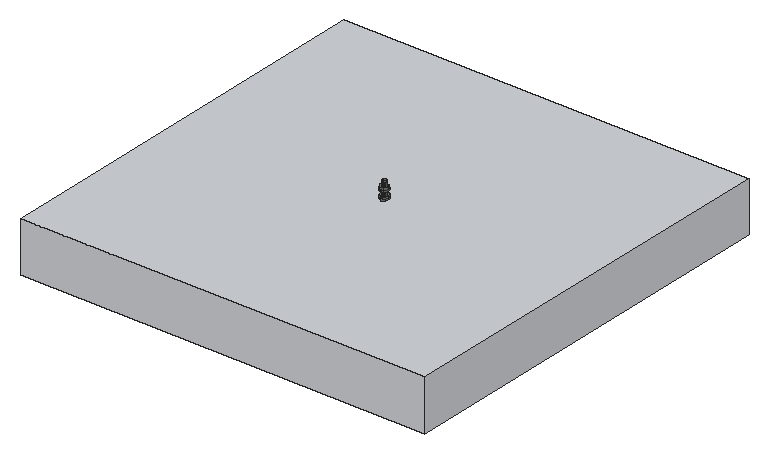
Revit family "Bolt l Type 02", category Modelos genéricos, Revit 2025
Family settings
  Anfitrión = Cara
  Puede alojar armadura = No
  Cota de conector redondo = Usar diámetro
  Tipo de pieza = Normal
  Corte con vacíos al cargar = No
  Mantener orientación de anotación = No
  Compartido = No
  Punto de cálculo de habitación = No
Parameters (values of type "Perno de Ø1"")
  Ø = 25.4 mm
  t [instance] = 32 mm
  b2 [instance] = 100 mm
  b = 70 mm
  Material = JG_Steel - Pernos
  Lookup Table Name = "Anchor & Bolt"
  L = 491.5 mm
  Default Elevation = 1219.2 mm
  10. SISTEMA = "ESTRUCTURAS"
  06. DESCRIPCION = "8 Pernos de Anclaje de Acero de Longitud Extendida - ASTM F1554 Gr 36"
  03. CODIGO DE ELEMENTO = "MET-ARR-PAN-01"
  02. ELEMENTO = "Perno de Anclaje Recto"
Reference planes
  plane 1 "Center (Front/Back)": y = 0
  plane 2: z = 0
  plane 3 "Center (Left/Right)": x = 0
  plane 4: z = -561.5
  plane 5: z = -491.5
  plane 6: z = -511.5
  plane 7: z = 100
  plane 8: z = 19.51
  plane 9: z = 51.51
Forms (mm)
  Extrusion 1, solid
    sketch origin (0, 0, 0) x (1, 0, 0) y (0, 1, 0)
      loop
        line (-1219.2, 1219.2) -> (-1219.2, -1219.2) -> (1219.2, -1219.2) -> (1219.2, 1219.2) -> (-1219.2, 1219.2)
    from 0 to -304.8
  Sweep 2, solid, material "JG_Steel - Pernos" <- "Material"
    path origin (0, 0, 0) x (1, 0, 0) y (0, 0, 1)
      loop
        line (0, 0) -> (0, -491.5)
    profile origin (0, 0, -245.75) x (0, -1, 0) y (1, 0, 0)
      loop
        circle (0, 0) r 12.7
Dimensions and locks
  "L": level to plane 5
  "b": plane 5 to plane 4
  plane 5 to plane 6 to plane 4 = 20 mm, 50 mm
  "b2": plane 7 to Extrusion 1
  "t": plane 9 to plane 8
  "Ø": diameter of Sweep 2 sketch curve
  aligned and locked: plane 2 to Extrusion 1
  aligned and locked: level to Extrusion 1
  aligned and locked: Sweep 2 sketch curve to plane 3 "Center (Left/Right)"
  aligned and locked: Extrusion 1 to Sweep 2 sketch curve
  aligned and locked: plane 3 "Center (Left/Right)" to Sweep 2 sketch curve
  aligned and locked: profile plane to plane 1 "Center (Front/Back)"
  aligned and locked: plane 5 to Sweep 2 sketch curve
  aligned and locked: plane 1 "Center (Front/Back)" to nested 1
  aligned and locked: nested 1 to plane 3 "Center (Left/Right)"
  aligned and locked: nested 2 to plane 1 "Center (Front/Back)"
  aligned and locked: nested 2 to plane 3 "Center (Left/Right)"
  aligned and locked: plane 3 "Center (Left/Right)" to nested 3
  aligned and locked: plane 1 "Center (Front/Back)" to nested 3
  aligned and locked: plane 1 "Center (Front/Back)" to nested 4
  aligned and locked: nested 4 to plane 3 "Center (Left/Right)"
  aligned and locked: nested 5 to plane 1 "Center (Front/Back)"
  aligned and locked: plane 3 "Center (Left/Right)" to nested 5
Automatic sketch dimensions
  Extrusion 1 sketch curve to Extrusion 1 sketch curve = 2438.4 mm  (x2)
  plane 1 "Center (Front/Back)" to Sweep 2 sketch curve = 0 mm
Nested families
  nested 1: "Bolt Head Nut with Washer free II" at (0, 0, -511.5) x (-1, 0, 0) z (0, 0, -1), Nominal Ø <- "Ø", Material <- "Material", type "Bolt Head Nut with Washer free II"
    with Nominal Ø 25.4 mm, Material JG_Steel - Pernos
  nested 2: "Rod with Detail free" at (0, 0, 0) x (-1, 0, 0) z (0, 0, 1), Rod Length <- "b2", Dimeter Rod Ø <- "Ø", type "Rod with Detail free"
    with Rod Length 100 mm, Dimeter Rod Ø 25.4 mm, Bar Ø 22.8 mm
  nested 3: "Rod with Detail free" at (0, 0, -491.5) x (0, -1, 0) z (0, 0, -1), Dimeter Rod Ø <- "Ø", Rod Length <- "b", type "Rod with Detail free"
    with Rod Length 70 mm, Dimeter Rod Ø 25.4 mm, Bar Ø 22.8 mm
  nested 4: "Bolt Head Nut with Washer free" at (0, 0, 51.51) x (0, -1, 0) z (0, 0, 1), Material <- "Material", Nominal Ø <- "Ø", type "Bolt Head Nut with Washer free"
    with Nominal Ø 25.4 mm, Material JG_Steel - Pernos
  nested 5: "Bolt Head Nut with Washer free" at (0, 0, 19.51) x (1, 0, 0) z (0, 0, -1), Nominal Ø <- "Ø", type "Bolt Head Nut with Washer free"
    with Nominal Ø 25.4 mm, Material JG_Steel - Pernos
Definition of nested family "Bolt Head Nut with Washer free II"
  Parameters (values of type "Bolt Head Nut with Washer free II")
    Nominal Ø [instance] = 16 mm
    Material [instance] = none
    Default Elevation = 1219.2 mm
  Reference planes
    plane 1 "Center (Front/Back)": y = 0
    plane 2: z = 0
    plane 3 "Center (Left/Right)": x = 0
  Forms (mm)
    Extrusion 1, solid
      sketch origin (0, 0, 0) x (1, 0, 0) y (0, 1, 0)
        loop
          line (-1219.2, 1219.2) -> (-1219.2, -1219.2) -> (1219.2, -1219.2) -> (1219.2, 1219.2) -> (-1219.2, 1219.2)
      from 0 to -304.8
  Dimensions and locks
    aligned and locked: plane 2 to Extrusion 1
    aligned and locked: level to Extrusion 1
    aligned and locked: nested 1 to plane 1 "Center (Front/Back)"
    aligned and locked: plane 3 "Center (Left/Right)" to nested 1
    aligned and locked: plane 1 "Center (Front/Back)" to nested 2
    aligned and locked: plane 3 "Center (Left/Right)" to nested 2
  Nested families
    nested 1: "Bold Nut free" at (0, 0, 3) x (0, 1, 0) z (0, 0, 1), Nominal Ø <- "Nominal Ø", Material <- "Material", type "Bold Nut free"
      with Thickness 10.4 mm, Nominal Ø 16 mm, Material none, Across Flat 26.4 mm, Across Corner 26.4 mm, AC1 30.36 mm
    nested 2: "Washer free II" at (0, 0, 0), Nominal Ø <- "Nominal Ø", Material <- "Material", type "Washer free II"
      with Thickness 3.2 mm, Outer Ø 48 mm, Nominal Ø 16 mm, Material none, Hole Ø 17.6 mm
  Definition of nested family "Bold Nut free"
    Parameters (values of type "Bold Nut free")
      Thickness [instance] = Nominal Ø * 0.65  # 10.4 mm
      Nominal Ø [instance] = 16 mm
      Material [instance] = none
      Default Elevation = 1219.2 mm
      Across Flat [instance] = Nominal Ø * 1.65  # 26.4 mm
      Across Corner [instance] = Nominal Ø * 1.65  # 26.4 mm
      AC1 [instance] = Across Corner * 1.15  # 30.36 mm
    Reference planes
      plane 1 "Center (Front/Back)": y = 0
      plane 2: z = 0
      plane 3 "Center (Left/Right)": x = 0
      plane 4: y = 13.2
      plane 5: y = -13.2
      plane 6: z = 10.4
    Forms (mm)
      Extrusion 1, solid
        sketch origin (0, 0, 0) x (1, 0, 0) y (0, 1, 0)
          loop
            line (-1219.2, 1219.2) -> (-1219.2, -1219.2) -> (1219.2, -1219.2) -> (1219.2, 1219.2) -> (-1219.2, 1219.2)
        from 0 to -304.8
      Extrusion 2, solid, material <- "Material"
        sketch origin (0, 0, 0) x (1, 0, 0) y (0, 1, 0)
          loop
            line (-7.621, 13.2) -> (-15.242, 0) -> (-7.621, -13.2) -> (7.621, -13.2) -> (15.242, 0) -> (7.621, 13.2) -> (-7.621, 13.2)
          loop
            circle (0, 0) r 8
        from 0 to 10.4
    Dimensions and locks
      equal spacing: plane 4, plane 1 "Center (Front/Back)", plane 5
      "Across Flat": plane 4 to plane 5
      equal spacing: Extrusion 2 sketch curve, plane 3 "Center (Left/Right)", Extrusion 2 sketch curve  (x2)
      "Across Flat": Extrusion 2 sketch curve to Extrusion 2 sketch curve  (x2)
      "Thickness": plane 6 to plane 2
      "Nominal Ø": diameter of Extrusion 2 sketch curve
      angle Extrusion 2 sketch curve to Extrusion 2 sketch curve = 120.00°  (x3)
      aligned and locked: plane 2 to Extrusion 1
      aligned and locked: level to Extrusion 1
      aligned and locked: plane 4 to Extrusion 2 sketch curve
      aligned and locked: Extrusion 2 sketch curve to plane 5
      aligned and locked: plane 6 to Extrusion 2
      aligned and locked: plane 3 "Center (Left/Right)" to Extrusion 2 sketch curve
      aligned and locked: plane 1 "Center (Front/Back)" to Extrusion 2 sketch curve
    Automatic sketch dimensions
      Extrusion 1 sketch curve to Extrusion 1 sketch curve = 2438.4 mm  (x2)
  Definition of nested family "Washer free II"
    Parameters (values of type "Washer free II")
      Thickness [instance] = Nominal Ø * 0.2  # 3.2 mm
      Outer Ø [instance] = Nominal Ø * 3  # 48 mm
      Nominal Ø [instance] = 16 mm
      Material [instance] = none
      Lookup Table Name = "Washer"
      Hole Ø [instance] = Nominal Ø * 1.1  # 17.6 mm
      Default Elevation = 1219.2 mm
    Reference planes
      plane 1 "Center (Front/Back)": y = 0
      plane 2: z = 0
      plane 3 "Center (Left/Right)": x = 0
      plane 4: z = 3.2
    Forms (mm)
      Extrusion 1, solid
        sketch origin (0, 0, 0) x (1, 0, 0) y (0, 1, 0)
          loop
            line (-1219.2, 1219.2) -> (-1219.2, -1219.2) -> (1219.2, -1219.2) -> (1219.2, 1219.2) -> (-1219.2, 1219.2)
        from 0 to -304.8
      Extrusion 2, solid, material <- "Material"
        sketch origin (0, 0, 0) x (1, 0, 0) y (0, 1, 0)
          loop
            circle (0, 0) r 24
          loop
            circle (0, 0) r 8.8
        from 0 to 3.2
    Dimensions and locks
      "Thickness": plane 4 to plane 2
      "Outer Ø": diameter of Extrusion 2 sketch curve
      "Hole Ø": diameter of Extrusion 2 sketch curve
      aligned and locked: plane 2 to Extrusion 1
      aligned and locked: level to Extrusion 1
      aligned and locked: plane 1 "Center (Front/Back)" to Extrusion 2 sketch curve  (x2)
      aligned and locked: plane 3 "Center (Left/Right)" to Extrusion 2 sketch curve  (x2)
      aligned and locked: plane 4 to Extrusion 2
    Automatic sketch dimensions
      Extrusion 1 sketch curve to Extrusion 1 sketch curve = 2438.4 mm  (x2)
Definition of nested family "Rod with Detail free"
  Parameters (values of type "Rod with Detail free")
    Rod Length [instance] = 70 mm
    Material = none
    Dimeter Rod Ø [instance] = 25.4 mm
    Default Elevation = 1219.2 mm
    Bar Ø [instance] = Dimeter Rod Ø - 2.6 mm  # 22.8 mm
  Reference planes
    plane 1 "Center (Front/Back)": y = 0
    plane 2: z = 0
    plane 3 "Center (Left/Right)": x = 0
    plane 4: z = 70
  Forms (mm)
    Extrusion 1, solid
      sketch origin (0, 0, 0) x (1, 0, 0) y (0, 1, 0)
        loop
          line (-1219.2, 1219.2) -> (-1219.2, -1219.2) -> (1219.2, -1219.2) -> (1219.2, 1219.2) -> (-1219.2, 1219.2)
      from 0 to -304.8
  Dimensions and locks
    "Rod Length": plane 4 to Extrusion 1
    aligned and locked: plane 2 to Extrusion 1
    aligned and locked: level to Extrusion 1
    aligned and locked: plane 1 "Center (Front/Back)" to nested 1
    aligned and locked: plane 3 "Center (Left/Right)" to nested 1
    aligned and locked: plane 1 "Center (Front/Back)" to nested 2
    aligned and locked: plane 3 "Center (Left/Right)" to nested 2
  Automatic sketch dimensions
    Extrusion 1 sketch curve to Extrusion 1 sketch curve = 2438.4 mm  (x2)
  Nested families
    nested 1: "Rod" at (0, 0, 0), Rod Material <- "Material", Rod L <- "Rod Length", Rod Ø <- "Bar Ø", type "Rod"
      with Rod Ø 22.8 mm, Rod Material none, Rod L 70 mm
    nested 2: "Rod Part" at (0, 0, 0), Rod Ø <- "Dimeter Rod Ø", Rod Length <- "Rod Length", type "Rod Part"
      with Rod Ø 25.4 mm, Rod radius 12.7 mm, Rod Length 70 mm, Array Numbers 46
  Definition of nested family "Rod"
    Parameters (values of type "Rod")
      Rod Ø [instance] = 32 mm
      Rod Material [instance] = none
      Rod L [instance] = 200 mm
      Default Elevation = 1219.2 mm
    Reference planes
      plane 1 "Center (Front/Back)": y = 0
      plane 2: z = 0
      plane 3 "Center (Left/Right)": x = 0
      plane 4: z = 200
    Forms (mm)
      Extrusion 1, solid
        sketch origin (0, 0, 0) x (1, 0, 0) y (0, 1, 0)
          loop
            line (-1219.2, 1219.2) -> (-1219.2, -1219.2) -> (1219.2, -1219.2) -> (1219.2, 1219.2) -> (-1219.2, 1219.2)
        from 0 to -304.8
      Extrusion 2, solid, material <- "Rod Material"
        sketch origin (0, 0, 0) x (1, 0, 0) y (0, 1, 0)
          loop
            circle (0, 0) r 16
        from 0 to 200
    Dimensions and locks
      "Rod L": plane 4 to Extrusion 1
      "Rod Ø": diameter of Extrusion 2 sketch curve
      aligned and locked: plane 2 to Extrusion 1
      aligned and locked: level to Extrusion 1
      aligned and locked: Extrusion 2 to Extrusion 1
      aligned and locked: plane 4 to Extrusion 2
    Automatic sketch dimensions
      Extrusion 1 sketch curve to Extrusion 1 sketch curve = 2438.4 mm  (x2)
      plane 1 "Center (Front/Back)" to Extrusion 2 sketch curve = 0 mm
      Extrusion 2 sketch curve to plane 3 "Center (Left/Right)" = 0 mm
  Definition of nested family "Rod Part"
    Parameters (values of type "Rod Part")
      Rod Ø [instance] = 16 mm
      Rod radius [instance] = Rod Ø / 2  # 8 mm
      Rod material = none
      Rod Length [instance] = 40 mm
      Default Elevation = 1219.2 mm
      Array Numbers [instance] = (Rod Length / 1.5 mm) - 1  # 26
    Reference planes
      plane 1 "Center (Front/Back)": y = 0
      plane 2: z = 0
      plane 3 "Center (Left/Right)": x = 0
      plane 4: x = 8
      plane 5: x = -8
      plane 6: z = 0.75
      plane 7: z = 2.25
      plane 8: z = 1.5
      plane 9: z = 40
      plane 10: z = 3
    Forms (mm)
      Extrusion 1, solid
        sketch origin (0, 0, 0) x (1, 0, 0) y (0, 1, 0)
          loop
            line (-1219.2, 1219.2) -> (-1219.2, -1219.2) -> (1219.2, -1219.2) -> (1219.2, 1219.2) -> (-1219.2, 1219.2)
        from 0 to -304.8
      SweptBlend 2, solid, material <- "Rod material"
        path origin (0, 0, -12.723) x (1, 0, 0) y (0, 1, 0)
          loop
            arc (-8, 0) -> (0, -8) -> (8, 0) r 8
        profile origin (-8, 0, -12.723) x (1, 0, 0) y (0, 0, 1)
          loop
            line (0, 12.75) -> (1.299, 12) -> (1.299, 13.5) -> (0, 12.75)
        end profile origin (8, 0, -12.723) x (-1, 0, 0) y (0, 0, 1)
          loop
            line (0, 12) -> (1.299, 11.25) -> (1.299, 12.75) -> (0, 12)
      SweptBlend 3, solid
        path origin (0, 0, -11.223) x (1, 0, 0) y (0, 1, 0)
          loop
            arc (-8, 0) -> (0, -8) -> (8, 0) r 8
        profile origin (-8, 0, -11.223) x (1, 0, 0) y (0, 0, 1)
          loop
            line (0, 12.75) -> (1.299, 12) -> (1.299, 13.5) -> (0, 12.75)
        end profile origin (8, 0, -11.223) x (-1, 0, 0) y (0, 0, 1)
          loop
            line (0, 12) -> (1.299, 11.25) -> (1.299, 12.75) -> (0, 12)
      SweptBlend 4, solid, material <- "Rod material"
        path origin (0, 0, -9.723) x (1, 0, 0) y (0, 1, 0)
          loop
            arc (-8, 0) -> (0, 8) -> (8, 0) r 8
        profile origin (-8, 0, -9.723) x (-1, 0, 0) y (0, 0, 1)
          loop
            line (0, 9.75) -> (-1.299, 10.5) -> (-1.299, 9) -> (0, 9.75)
        end profile origin (8, 0, -9.723) x (1, 0, 0) y (0, 0, 1)
          loop
            line (0, 10.5) -> (-1.299, 11.25) -> (-1.299, 9.75) -> (0, 10.5)
      SweptBlend 5, solid
        path origin (0, 0, -8.223) x (1, 0, 0) y (0, 1, 0)
          loop
            arc (-8, 0) -> (0, 8) -> (8, 0) r 8
        profile origin (-8, 0, -8.223) x (-1, 0, 0) y (0, 0, 1)
          loop
            line (0, 9.75) -> (-1.299, 10.5) -> (-1.299, 9) -> (0, 9.75)
        end profile origin (8, 0, -8.223) x (1, 0, 0) y (0, 0, 1)
          loop
            line (0, 10.5) -> (-1.299, 11.25) -> (-1.299, 9.75) -> (0, 10.5)
      SweptBlend 6, solid
        path origin (0, 0, -9.75) x (1, 0, 0) y (0, 1, 0)
          loop
            arc (-8, 0) -> (0, -8) -> (8, 0) r 8
        profile origin (-8, 0, -9.75) x (1, 0, 0) y (0, 0, 1)
          loop
            line (0, 12.75) -> (1.299, 12) -> (1.299, 13.5) -> (0, 12.75)
        end profile origin (8, 0, -9.75) x (-1, 0, 0) y (0, 0, 1)
          loop
            line (0, 12) -> (1.299, 11.25) -> (1.299, 12.75) -> (0, 12)
      SweptBlend 7, solid
        path origin (0, 0, -6.75) x (1, 0, 0) y (0, 1, 0)
          loop
            arc (-8, 0) -> (0, 8) -> (8, 0) r 8
        profile origin (-8, 0, -6.75) x (-1, 0, 0) y (0, 0, 1)
          loop
            line (0, 9.75) -> (-1.299, 10.5) -> (-1.299, 9) -> (0, 9.75)
        end profile origin (8, 0, -6.75) x (1, 0, 0) y (0, 0, 1)
          loop
            line (0, 10.5) -> (-1.299, 11.25) -> (-1.299, 9.75) -> (0, 10.5)
      SweptBlend 8, solid
        path origin (0, 0, -8.277) x (1, 0, 0) y (0, 1, 0)
          loop
            arc (-8, 0) -> (0, -8) -> (8, 0) r 8
        profile origin (-8, 0, -8.277) x (1, 0, 0) y (0, 0, 1)
          loop
            line (0, 12.75) -> (1.299, 12) -> (1.299, 13.5) -> (0, 12.75)
        end profile origin (8, 0, -8.277) x (-1, 0, 0) y (0, 0, 1)
          loop
            line (0, 12) -> (1.299, 11.25) -> (1.299, 12.75) -> (0, 12)
      SweptBlend 9, solid
        path origin (0, 0, -5.277) x (1, 0, 0) y (0, 1, 0)
          loop
            arc (-8, 0) -> (0, 8) -> (8, 0) r 8
        profile origin (-8, 0, -5.277) x (-1, 0, 0) y (0, 0, 1)
          loop
            line (0, 9.75) -> (-1.299, 10.5) -> (-1.299, 9) -> (0, 9.75)
        end profile origin (8, 0, -5.277) x (1, 0, 0) y (0, 0, 1)
          loop
            line (0, 10.5) -> (-1.299, 11.25) -> (-1.299, 9.75) -> (0, 10.5)
      SweptBlend 10, solid
        path origin (0, 0, -6.805) x (1, 0, 0) y (0, 1, 0)
          loop
            arc (-8, 0) -> (0, -8) -> (8, 0) r 8
        profile origin (-8, 0, -6.805) x (1, 0, 0) y (0, 0, 1)
          loop
            line (0, 12.75) -> (1.299, 12) -> (1.299, 13.5) -> (0, 12.75)
        end profile origin (8, 0, -6.805) x (-1, 0, 0) y (0, 0, 1)
          loop
            line (0, 12) -> (1.299, 11.25) -> (1.299, 12.75) -> (0, 12)
      SweptBlend 11, solid
        path origin (0, 0, -3.805) x (1, 0, 0) y (0, 1, 0)
          loop
            arc (-8, 0) -> (0, 8) -> (8, 0) r 8
        profile origin (-8, 0, -3.805) x (-1, 0, 0) y (0, 0, 1)
          loop
            line (0, 9.75) -> (-1.299, 10.5) -> (-1.299, 9) -> (0, 9.75)
        end profile origin (8, 0, -3.805) x (1, 0, 0) y (0, 0, 1)
          loop
            line (0, 10.5) -> (-1.299, 11.25) -> (-1.299, 9.75) -> (0, 10.5)
      SweptBlend 12, solid
        path origin (0, 0, -5.332) x (1, 0, 0) y (0, 1, 0)
          loop
            arc (-8, 0) -> (0, -8) -> (8, 0) r 8
        profile origin (-8, 0, -5.332) x (1, 0, 0) y (0, 0, 1)
          loop
            line (0, 12.75) -> (1.299, 12) -> (1.299, 13.5) -> (0, 12.75)
        end profile origin (8, 0, -5.332) x (-1, 0, 0) y (0, 0, 1)
          loop
            line (0, 12) -> (1.299, 11.25) -> (1.299, 12.75) -> (0, 12)
      SweptBlend 13, solid
        path origin (0, 0, -2.332) x (1, 0, 0) y (0, 1, 0)
          loop
            arc (-8, 0) -> (0, 8) -> (8, 0) r 8
        profile origin (-8, 0, -2.332) x (-1, 0, 0) y (0, 0, 1)
          loop
            line (0, 9.75) -> (-1.299, 10.5) -> (-1.299, 9) -> (0, 9.75)
        end profile origin (8, 0, -2.332) x (1, 0, 0) y (0, 0, 1)
          loop
            line (0, 10.5) -> (-1.299, 11.25) -> (-1.299, 9.75) -> (0, 10.5)
      SweptBlend 14, solid
        path origin (0, 0, -3.86) x (1, 0, 0) y (0, 1, 0)
          loop
            arc (-8, 0) -> (0, -8) -> (8, 0) r 8
        profile origin (-8, 0, -3.86) x (1, 0, 0) y (0, 0, 1)
          loop
            line (0, 12.75) -> (1.299, 12) -> (1.299, 13.5) -> (0, 12.75)
        end profile origin (8, 0, -3.86) x (-1, 0, 0) y (0, 0, 1)
          loop
            line (0, 12) -> (1.299, 11.25) -> (1.299, 12.75) -> (0, 12)
      SweptBlend 15, solid
        path origin (0, 0, -0.86) x (1, 0, 0) y (0, 1, 0)
          loop
            arc (-8, 0) -> (0, 8) -> (8, 0) r 8
        profile origin (-8, 0, -0.86) x (-1, 0, 0) y (0, 0, 1)
          loop
            line (0, 9.75) -> (-1.299, 10.5) -> (-1.299, 9) -> (0, 9.75)
        end profile origin (8, 0, -0.86) x (1, 0, 0) y (0, 0, 1)
          loop
            line (0, 10.5) -> (-1.299, 11.25) -> (-1.299, 9.75) -> (0, 10.5)
      SweptBlend 16, solid
        path origin (0, 0, -2.387) x (1, 0, 0) y (0, 1, 0)
          loop
            arc (-8, 0) -> (0, -8) -> (8, 0) r 8
        profile origin (-8, 0, -2.387) x (1, 0, 0) y (0, 0, 1)
          loop
            line (0, 12.75) -> (1.299, 12) -> (1.299, 13.5) -> (0, 12.75)
        end profile origin (8, 0, -2.387) x (-1, 0, 0) y (0, 0, 1)
          loop
            line (0, 12) -> (1.299, 11.25) -> (1.299, 12.75) -> (0, 12)
      SweptBlend 17, solid
        path origin (0, 0, 0.613) x (1, 0, 0) y (0, 1, 0)
          loop
            arc (-8, 0) -> (0, 8) -> (8, 0) r 8
        profile origin (-8, 0, 0.613) x (-1, 0, 0) y (0, 0, 1)
          loop
            line (0, 9.75) -> (-1.299, 10.5) -> (-1.299, 9) -> (0, 9.75)
        end profile origin (8, 0, 0.613) x (1, 0, 0) y (0, 0, 1)
          loop
            line (0, 10.5) -> (-1.299, 11.25) -> (-1.299, 9.75) -> (0, 10.5)
      SweptBlend 18, solid
        path origin (0, 0, -0.915) x (1, 0, 0) y (0, 1, 0)
          loop
            arc (-8, 0) -> (0, -8) -> (8, 0) r 8
        profile origin (-8, 0, -0.915) x (1, 0, 0) y (0, 0, 1)
          loop
            line (0, 12.75) -> (1.299, 12) -> (1.299, 13.5) -> (0, 12.75)
        end profile origin (8, 0, -0.915) x (-1, 0, 0) y (0, 0, 1)
          loop
            line (0, 12) -> (1.299, 11.25) -> (1.299, 12.75) -> (0, 12)
      SweptBlend 19, solid
        path origin (0, 0, 2.085) x (1, 0, 0) y (0, 1, 0)
          loop
            arc (-8, 0) -> (0, 8) -> (8, 0) r 8
        profile origin (-8, 0, 2.085) x (-1, 0, 0) y (0, 0, 1)
          loop
            line (0, 9.75) -> (-1.299, 10.5) -> (-1.299, 9) -> (0, 9.75)
        end profile origin (8, 0, 2.085) x (1, 0, 0) y (0, 0, 1)
          loop
            line (0, 10.5) -> (-1.299, 11.25) -> (-1.299, 9.75) -> (0, 10.5)
      SweptBlend 20, solid
        path origin (0, 0, 0.558) x (1, 0, 0) y (0, 1, 0)
          loop
            arc (-8, 0) -> (0, -8) -> (8, 0) r 8
        profile origin (-8, 0, 0.558) x (1, 0, 0) y (0, 0, 1)
          loop
            line (0, 12.75) -> (1.299, 12) -> (1.299, 13.5) -> (0, 12.75)
        end profile origin (8, 0, 0.558) x (-1, 0, 0) y (0, 0, 1)
          loop
            line (0, 12) -> (1.299, 11.25) -> (1.299, 12.75) -> (0, 12)
      SweptBlend 21, solid
        path origin (0, 0, 3.558) x (1, 0, 0) y (0, 1, 0)
          loop
            arc (-8, 0) -> (0, 8) -> (8, 0) r 8
        profile origin (-8, 0, 3.558) x (-1, 0, 0) y (0, 0, 1)
          loop
            line (0, 9.75) -> (-1.299, 10.5) -> (-1.299, 9) -> (0, 9.75)
        end profile origin (8, 0, 3.558) x (1, 0, 0) y (0, 0, 1)
          loop
            line (0, 10.5) -> (-1.299, 11.25) -> (-1.299, 9.75) -> (0, 10.5)
      SweptBlend 22, solid
        path origin (0, 0, 2.031) x (1, 0, 0) y (0, 1, 0)
          loop
            arc (-8, 0) -> (0, -8) -> (8, 0) r 8
        profile origin (-8, 0, 2.031) x (1, 0, 0) y (0, 0, 1)
          loop
            line (0, 12.75) -> (1.299, 12) -> (1.299, 13.5) -> (0, 12.75)
        end profile origin (8, 0, 2.031) x (-1, 0, 0) y (0, 0, 1)
          loop
            line (0, 12) -> (1.299, 11.25) -> (1.299, 12.75) -> (0, 12)
      SweptBlend 23, solid
        path origin (0, 0, 5.031) x (1, 0, 0) y (0, 1, 0)
          loop
            arc (-8, 0) -> (0, 8) -> (8, 0) r 8
        profile origin (-8, 0, 5.031) x (-1, 0, 0) y (0, 0, 1)
          loop
            line (0, 9.75) -> (-1.299, 10.5) -> (-1.299, 9) -> (0, 9.75)
        end profile origin (8, 0, 5.031) x (1, 0, 0) y (0, 0, 1)
          loop
            line (0, 10.5) -> (-1.299, 11.25) -> (-1.299, 9.75) -> (0, 10.5)
      SweptBlend 24, solid
        path origin (0, 0, 3.503) x (1, 0, 0) y (0, 1, 0)
          loop
            arc (-8, 0) -> (0, -8) -> (8, 0) r 8
        profile origin (-8, 0, 3.503) x (1, 0, 0) y (0, 0, 1)
          loop
            line (0, 12.75) -> (1.299, 12) -> (1.299, 13.5) -> (0, 12.75)
        end profile origin (8, 0, 3.503) x (-1, 0, 0) y (0, 0, 1)
          loop
            line (0, 12) -> (1.299, 11.25) -> (1.299, 12.75) -> (0, 12)
      SweptBlend 25, solid
        path origin (0, 0, 6.503) x (1, 0, 0) y (0, 1, 0)
          loop
            arc (-8, 0) -> (0, 8) -> (8, 0) r 8
        profile origin (-8, 0, 6.503) x (-1, 0, 0) y (0, 0, 1)
          loop
            line (0, 9.75) -> (-1.299, 10.5) -> (-1.299, 9) -> (0, 9.75)
        end profile origin (8, 0, 6.503) x (1, 0, 0) y (0, 0, 1)
          loop
            line (0, 10.5) -> (-1.299, 11.25) -> (-1.299, 9.75) -> (0, 10.5)
      SweptBlend 26, solid
        path origin (0, 0, 4.976) x (1, 0, 0) y (0, 1, 0)
          loop
            arc (-8, 0) -> (0, -8) -> (8, 0) r 8
        profile origin (-8, 0, 4.976) x (1, 0, 0) y (0, 0, 1)
          loop
            line (0, 12.75) -> (1.299, 12) -> (1.299, 13.5) -> (0, 12.75)
        end profile origin (8, 0, 4.976) x (-1, 0, 0) y (0, 0, 1)
          loop
            line (0, 12) -> (1.299, 11.25) -> (1.299, 12.75) -> (0, 12)
      SweptBlend 27, solid
        path origin (0, 0, 7.976) x (1, 0, 0) y (0, 1, 0)
          loop
            arc (-8, 0) -> (0, 8) -> (8, 0) r 8
        profile origin (-8, 0, 7.976) x (-1, 0, 0) y (0, 0, 1)
          loop
            line (0, 9.75) -> (-1.299, 10.5) -> (-1.299, 9) -> (0, 9.75)
        end profile origin (8, 0, 7.976) x (1, 0, 0) y (0, 0, 1)
          loop
            line (0, 10.5) -> (-1.299, 11.25) -> (-1.299, 9.75) -> (0, 10.5)
      SweptBlend 28, solid
        path origin (0, 0, 6.448) x (1, 0, 0) y (0, 1, 0)
          loop
            arc (-8, 0) -> (0, -8) -> (8, 0) r 8
        profile origin (-8, 0, 6.448) x (1, 0, 0) y (0, 0, 1)
          loop
            line (0, 12.75) -> (1.299, 12) -> (1.299, 13.5) -> (0, 12.75)
        end profile origin (8, 0, 6.448) x (-1, 0, 0) y (0, 0, 1)
          loop
            line (0, 12) -> (1.299, 11.25) -> (1.299, 12.75) -> (0, 12)
      SweptBlend 29, solid
        path origin (0, 0, 9.448) x (1, 0, 0) y (0, 1, 0)
          loop
            arc (-8, 0) -> (0, 8) -> (8, 0) r 8
        profile origin (-8, 0, 9.448) x (-1, 0, 0) y (0, 0, 1)
          loop
            line (0, 9.75) -> (-1.299, 10.5) -> (-1.299, 9) -> (0, 9.75)
        end profile origin (8, 0, 9.448) x (1, 0, 0) y (0, 0, 1)
          loop
            line (0, 10.5) -> (-1.299, 11.25) -> (-1.299, 9.75) -> (0, 10.5)
      SweptBlend 30, solid
        path origin (0, 0, 7.921) x (1, 0, 0) y (0, 1, 0)
          loop
            arc (-8, 0) -> (0, -8) -> (8, 0) r 8
        profile origin (-8, 0, 7.921) x (1, 0, 0) y (0, 0, 1)
          loop
            line (0, 12.75) -> (1.299, 12) -> (1.299, 13.5) -> (0, 12.75)
        end profile origin (8, 0, 7.921) x (-1, 0, 0) y (0, 0, 1)
          loop
            line (0, 12) -> (1.299, 11.25) -> (1.299, 12.75) -> (0, 12)
      SweptBlend 31, solid
        path origin (0, 0, 10.921) x (1, 0, 0) y (0, 1, 0)
          loop
            arc (-8, 0) -> (0, 8) -> (8, 0) r 8
        profile origin (-8, 0, 10.921) x (-1, 0, 0) y (0, 0, 1)
          loop
            line (0, 9.75) -> (-1.299, 10.5) -> (-1.299, 9) -> (0, 9.75)
        end profile origin (8, 0, 10.921) x (1, 0, 0) y (0, 0, 1)
          loop
            line (0, 10.5) -> (-1.299, 11.25) -> (-1.299, 9.75) -> (0, 10.5)
      SweptBlend 32, solid
        path origin (0, 0, 9.393) x (1, 0, 0) y (0, 1, 0)
          loop
            arc (-8, 0) -> (0, -8) -> (8, 0) r 8
        profile origin (-8, 0, 9.393) x (1, 0, 0) y (0, 0, 1)
          loop
            line (0, 12.75) -> (1.299, 12) -> (1.299, 13.5) -> (0, 12.75)
        end profile origin (8, 0, 9.393) x (-1, 0, 0) y (0, 0, 1)
          loop
            line (0, 12) -> (1.299, 11.25) -> (1.299, 12.75) -> (0, 12)
      SweptBlend 33, solid
        path origin (0, 0, 12.393) x (1, 0, 0) y (0, 1, 0)
          loop
            arc (-8, 0) -> (0, 8) -> (8, 0) r 8
        profile origin (-8, 0, 12.393) x (-1, 0, 0) y (0, 0, 1)
          loop
            line (0, 9.75) -> (-1.299, 10.5) -> (-1.299, 9) -> (0, 9.75)
        end profile origin (8, 0, 12.393) x (1, 0, 0) y (0, 0, 1)
          loop
            line (0, 10.5) -> (-1.299, 11.25) -> (-1.299, 9.75) -> (0, 10.5)
      SweptBlend 34, solid
        path origin (0, 0, 10.866) x (1, 0, 0) y (0, 1, 0)
          loop
            arc (-8, 0) -> (0, -8) -> (8, 0) r 8
        profile origin (-8, 0, 10.866) x (1, 0, 0) y (0, 0, 1)
          loop
            line (0, 12.75) -> (1.299, 12) -> (1.299, 13.5) -> (0, 12.75)
        end profile origin (8, 0, 10.866) x (-1, 0, 0) y (0, 0, 1)
          loop
            line (0, 12) -> (1.299, 11.25) -> (1.299, 12.75) -> (0, 12)
      SweptBlend 35, solid
        path origin (0, 0, 13.866) x (1, 0, 0) y (0, 1, 0)
          loop
            arc (-8, 0) -> (0, 8) -> (8, 0) r 8
        profile origin (-8, 0, 13.866) x (-1, 0, 0) y (0, 0, 1)
          loop
            line (0, 9.75) -> (-1.299, 10.5) -> (-1.299, 9) -> (0, 9.75)
        end profile origin (8, 0, 13.866) x (1, 0, 0) y (0, 0, 1)
          loop
            line (0, 10.5) -> (-1.299, 11.25) -> (-1.299, 9.75) -> (0, 10.5)
      SweptBlend 36, solid
        path origin (0, 0, 12.339) x (1, 0, 0) y (0, 1, 0)
          loop
            arc (-8, 0) -> (0, -8) -> (8, 0) r 8
        profile origin (-8, 0, 12.339) x (1, 0, 0) y (0, 0, 1)
          loop
            line (0, 12.75) -> (1.299, 12) -> (1.299, 13.5) -> (0, 12.75)
        end profile origin (8, 0, 12.339) x (-1, 0, 0) y (0, 0, 1)
          loop
            line (0, 12) -> (1.299, 11.25) -> (1.299, 12.75) -> (0, 12)
      SweptBlend 37, solid
        path origin (0, 0, 15.339) x (1, 0, 0) y (0, 1, 0)
          loop
            arc (-8, 0) -> (0, 8) -> (8, 0) r 8
        profile origin (-8, 0, 15.339) x (-1, 0, 0) y (0, 0, 1)
          loop
            line (0, 9.75) -> (-1.299, 10.5) -> (-1.299, 9) -> (0, 9.75)
        end profile origin (8, 0, 15.339) x (1, 0, 0) y (0, 0, 1)
          loop
            line (0, 10.5) -> (-1.299, 11.25) -> (-1.299, 9.75) -> (0, 10.5)
      SweptBlend 38, solid
        path origin (0, 0, 13.811) x (1, 0, 0) y (0, 1, 0)
          loop
            arc (-8, 0) -> (0, -8) -> (8, 0) r 8
        profile origin (-8, 0, 13.811) x (1, 0, 0) y (0, 0, 1)
          loop
            line (0, 12.75) -> (1.299, 12) -> (1.299, 13.5) -> (0, 12.75)
        end profile origin (8, 0, 13.811) x (-1, 0, 0) y (0, 0, 1)
          loop
            line (0, 12) -> (1.299, 11.25) -> (1.299, 12.75) -> (0, 12)
      SweptBlend 39, solid
        path origin (0, 0, 16.811) x (1, 0, 0) y (0, 1, 0)
          loop
            arc (-8, 0) -> (0, 8) -> (8, 0) r 8
        profile origin (-8, 0, 16.811) x (-1, 0, 0) y (0, 0, 1)
          loop
            line (0, 9.75) -> (-1.299, 10.5) -> (-1.299, 9) -> (0, 9.75)
        end profile origin (8, 0, 16.811) x (1, 0, 0) y (0, 0, 1)
          loop
            line (0, 10.5) -> (-1.299, 11.25) -> (-1.299, 9.75) -> (0, 10.5)
      SweptBlend 40, solid
        path origin (0, 0, 15.284) x (1, 0, 0) y (0, 1, 0)
          loop
            arc (-8, 0) -> (0, -8) -> (8, 0) r 8
        profile origin (-8, 0, 15.284) x (1, 0, 0) y (0, 0, 1)
          loop
            line (0, 12.75) -> (1.299, 12) -> (1.299, 13.5) -> (0, 12.75)
        end profile origin (8, 0, 15.284) x (-1, 0, 0) y (0, 0, 1)
          loop
            line (0, 12) -> (1.299, 11.25) -> (1.299, 12.75) -> (0, 12)
      SweptBlend 41, solid
        path origin (0, 0, 18.284) x (1, 0, 0) y (0, 1, 0)
          loop
            arc (-8, 0) -> (0, 8) -> (8, 0) r 8
        profile origin (-8, 0, 18.284) x (-1, 0, 0) y (0, 0, 1)
          loop
            line (0, 9.75) -> (-1.299, 10.5) -> (-1.299, 9) -> (0, 9.75)
        end profile origin (8, 0, 18.284) x (1, 0, 0) y (0, 0, 1)
          loop
            line (0, 10.5) -> (-1.299, 11.25) -> (-1.299, 9.75) -> (0, 10.5)
      SweptBlend 42, solid
        path origin (0, 0, 16.756) x (1, 0, 0) y (0, 1, 0)
          loop
            arc (-8, 0) -> (0, -8) -> (8, 0) r 8
        profile origin (-8, 0, 16.756) x (1, 0, 0) y (0, 0, 1)
          loop
            line (0, 12.75) -> (1.299, 12) -> (1.299, 13.5) -> (0, 12.75)
        end profile origin (8, 0, 16.756) x (-1, 0, 0) y (0, 0, 1)
          loop
            line (0, 12) -> (1.299, 11.25) -> (1.299, 12.75) -> (0, 12)
      SweptBlend 43, solid
        path origin (0, 0, 19.756) x (1, 0, 0) y (0, 1, 0)
          loop
            arc (-8, 0) -> (0, 8) -> (8, 0) r 8
        profile origin (-8, 0, 19.756) x (-1, 0, 0) y (0, 0, 1)
          loop
            line (0, 9.75) -> (-1.299, 10.5) -> (-1.299, 9) -> (0, 9.75)
        end profile origin (8, 0, 19.756) x (1, 0, 0) y (0, 0, 1)
          loop
            line (0, 10.5) -> (-1.299, 11.25) -> (-1.299, 9.75) -> (0, 10.5)
      SweptBlend 44, solid
        path origin (0, 0, 18.229) x (1, 0, 0) y (0, 1, 0)
          loop
            arc (-8, 0) -> (0, -8) -> (8, 0) r 8
        profile origin (-8, 0, 18.229) x (1, 0, 0) y (0, 0, 1)
          loop
            line (0, 12.75) -> (1.299, 12) -> (1.299, 13.5) -> (0, 12.75)
        end profile origin (8, 0, 18.229) x (-1, 0, 0) y (0, 0, 1)
          loop
            line (0, 12) -> (1.299, 11.25) -> (1.299, 12.75) -> (0, 12)
      SweptBlend 45, solid
        path origin (0, 0, 21.229) x (1, 0, 0) y (0, 1, 0)
          loop
            arc (-8, 0) -> (0, 8) -> (8, 0) r 8
        profile origin (-8, 0, 21.229) x (-1, 0, 0) y (0, 0, 1)
          loop
            line (0, 9.75) -> (-1.299, 10.5) -> (-1.299, 9) -> (0, 9.75)
        end profile origin (8, 0, 21.229) x (1, 0, 0) y (0, 0, 1)
          loop
            line (0, 10.5) -> (-1.299, 11.25) -> (-1.299, 9.75) -> (0, 10.5)
      SweptBlend 46, solid
        path origin (0, 0, 19.701) x (1, 0, 0) y (0, 1, 0)
          loop
            arc (-8, 0) -> (0, -8) -> (8, 0) r 8
        profile origin (-8, 0, 19.701) x (1, 0, 0) y (0, 0, 1)
          loop
            line (0, 12.75) -> (1.299, 12) -> (1.299, 13.5) -> (0, 12.75)
        end profile origin (8, 0, 19.701) x (-1, 0, 0) y (0, 0, 1)
          loop
            line (0, 12) -> (1.299, 11.25) -> (1.299, 12.75) -> (0, 12)
      SweptBlend 47, solid
        path origin (0, 0, 22.701) x (1, 0, 0) y (0, 1, 0)
          loop
            arc (-8, 0) -> (0, 8) -> (8, 0) r 8
        profile origin (-8, 0, 22.701) x (-1, 0, 0) y (0, 0, 1)
          loop
            line (0, 9.75) -> (-1.299, 10.5) -> (-1.299, 9) -> (0, 9.75)
        end profile origin (8, 0, 22.701) x (1, 0, 0) y (0, 0, 1)
          loop
            line (0, 10.5) -> (-1.299, 11.25) -> (-1.299, 9.75) -> (0, 10.5)
      SweptBlend 48, solid
        path origin (0, 0, 21.174) x (1, 0, 0) y (0, 1, 0)
          loop
            arc (-8, 0) -> (0, -8) -> (8, 0) r 8
        profile origin (-8, 0, 21.174) x (1, 0, 0) y (0, 0, 1)
          loop
            line (0, 12.75) -> (1.299, 12) -> (1.299, 13.5) -> (0, 12.75)
        end profile origin (8, 0, 21.174) x (-1, 0, 0) y (0, 0, 1)
          loop
            line (0, 12) -> (1.299, 11.25) -> (1.299, 12.75) -> (0, 12)
      SweptBlend 49, solid
        path origin (0, 0, 24.174) x (1, 0, 0) y (0, 1, 0)
          loop
            arc (-8, 0) -> (0, 8) -> (8, 0) r 8
        profile origin (-8, 0, 24.174) x (-1, 0, 0) y (0, 0, 1)
          loop
            line (0, 9.75) -> (-1.299, 10.5) -> (-1.299, 9) -> (0, 9.75)
        end profile origin (8, 0, 24.174) x (1, 0, 0) y (0, 0, 1)
          loop
            line (0, 10.5) -> (-1.299, 11.25) -> (-1.299, 9.75) -> (0, 10.5)
      SweptBlend 50, solid
        path origin (0, 0, 22.647) x (1, 0, 0) y (0, 1, 0)
          loop
            arc (-8, 0) -> (0, -8) -> (8, 0) r 8
        profile origin (-8, 0, 22.647) x (1, 0, 0) y (0, 0, 1)
          loop
            line (0, 12.75) -> (1.299, 12) -> (1.299, 13.5) -> (0, 12.75)
        end profile origin (8, 0, 22.647) x (-1, 0, 0) y (0, 0, 1)
          loop
            line (0, 12) -> (1.299, 11.25) -> (1.299, 12.75) -> (0, 12)
      SweptBlend 51, solid
        path origin (0, 0, 25.647) x (1, 0, 0) y (0, 1, 0)
          loop
            arc (-8, 0) -> (0, 8) -> (8, 0) r 8
        profile origin (-8, 0, 25.647) x (-1, 0, 0) y (0, 0, 1)
          loop
            line (0, 9.75) -> (-1.299, 10.5) -> (-1.299, 9) -> (0, 9.75)
        end profile origin (8, 0, 25.647) x (1, 0, 0) y (0, 0, 1)
          loop
            line (0, 10.5) -> (-1.299, 11.25) -> (-1.299, 9.75) -> (0, 10.5)
      SweptBlend 52, solid, material <- "Rod material"
        path origin (0, 0, 24.119) x (1, 0, 0) y (0, 1, 0)
          loop
            arc (-8, 0) -> (0, -8) -> (8, 0) r 8
        profile origin (-8, 0, 24.119) x (1, 0, 0) y (0, 0, 1)
          loop
            line (0, 12.75) -> (1.299, 12) -> (1.299, 13.5) -> (0, 12.75)
        end profile origin (8, 0, 24.119) x (-1, 0, 0) y (0, 0, 1)
          loop
            line (0, 12) -> (1.299, 11.25) -> (1.299, 12.75) -> (0, 12)
      SweptBlend 53, solid, material <- "Rod material"
        path origin (0, 0, 27.119) x (1, 0, 0) y (0, 1, 0)
          loop
            arc (-8, 0) -> (0, 8) -> (8, 0) r 8
        profile origin (-8, 0, 27.119) x (-1, 0, 0) y (0, 0, 1)
          loop
            line (0, 9.75) -> (-1.299, 10.5) -> (-1.299, 9) -> (0, 9.75)
        end profile origin (8, 0, 27.119) x (1, 0, 0) y (0, 0, 1)
          loop
            line (0, 10.5) -> (-1.299, 11.25) -> (-1.299, 9.75) -> (0, 10.5)
      SweptBlend 54, solid
        path origin (0, 0, 25.592) x (1, 0, 0) y (0, 1, 0)
          loop
            arc (-8, 0) -> (0, -8) -> (8, 0) r 8
        profile origin (-8, 0, 25.592) x (1, 0, 0) y (0, 0, 1)
          loop
            line (0, 12.75) -> (1.299, 12) -> (1.299, 13.5) -> (0, 12.75)
        end profile origin (8, 0, 25.592) x (-1, 0, 0) y (0, 0, 1)
          loop
            line (0, 12) -> (1.299, 11.25) -> (1.299, 12.75) -> (0, 12)
      SweptBlend 55, solid
        path origin (0, 0, 28.592) x (1, 0, 0) y (0, 1, 0)
          loop
            arc (-8, 0) -> (0, 8) -> (8, 0) r 8
        profile origin (-8, 0, 28.592) x (-1, 0, 0) y (0, 0, 1)
          loop
            line (0, 9.75) -> (-1.299, 10.5) -> (-1.299, 9) -> (0, 9.75)
        end profile origin (8, 0, 28.592) x (1, 0, 0) y (0, 0, 1)
          loop
            line (0, 10.5) -> (-1.299, 11.25) -> (-1.299, 9.75) -> (0, 10.5)
    Dimensions and locks
      equal spacing: plane 5, plane 3 "Center (Left/Right)", plane 4
      "Rod Ø": plane 5 to plane 4
      plane 6 to Extrusion 1 = 0.75 mm
      "Rod Length": plane 9 to Extrusion 1
      equal spacing: group 1, group 2, group 3, group 4, group 5, group 6, group 7, group 8, group 9, group 10, group 11, group 12, group 13, group 14, group 15, group 16, group 17, group 18, group 19, group 20, group 21, group 22, group 23, group 24, group 25, group 26  (x3)
      "Rod radius": radius of SweptBlend 2 sketch curve
      "Rod radius": radius of SweptBlend 3 sketch curve
      "Rod radius": radius of SweptBlend 4 sketch curve
      "Rod radius": radius of SweptBlend 5 sketch curve
      "Rod radius": radius of SweptBlend 6 sketch curve
      "Rod radius": radius of SweptBlend 7 sketch curve
      "Rod radius": radius of SweptBlend 8 sketch curve
      "Rod radius": radius of SweptBlend 9 sketch curve
      "Rod radius": radius of SweptBlend 10 sketch curve
      "Rod radius": radius of SweptBlend 11 sketch curve
      "Rod radius": radius of SweptBlend 12 sketch curve
      "Rod radius": radius of SweptBlend 13 sketch curve
      "Rod radius": radius of SweptBlend 14 sketch curve
      "Rod radius": radius of SweptBlend 15 sketch curve
      "Rod radius": radius of SweptBlend 16 sketch curve
      "Rod radius": radius of SweptBlend 17 sketch curve
      "Rod radius": radius of SweptBlend 18 sketch curve
      "Rod radius": radius of SweptBlend 19 sketch curve
      "Rod radius": radius of SweptBlend 20 sketch curve
      "Rod radius": radius of SweptBlend 21 sketch curve
      "Rod radius": radius of SweptBlend 22 sketch curve
      "Rod radius": radius of SweptBlend 23 sketch curve
      "Rod radius": radius of SweptBlend 24 sketch curve
      "Rod radius": radius of SweptBlend 25 sketch curve
      "Rod radius": radius of SweptBlend 26 sketch curve
      "Rod radius": radius of SweptBlend 27 sketch curve
      "Rod radius": radius of SweptBlend 28 sketch curve
      "Rod radius": radius of SweptBlend 29 sketch curve
      "Rod radius": radius of SweptBlend 30 sketch curve
      "Rod radius": radius of SweptBlend 31 sketch curve
      "Rod radius": radius of SweptBlend 32 sketch curve
      "Rod radius": radius of SweptBlend 33 sketch curve
      "Rod radius": radius of SweptBlend 34 sketch curve
      "Rod radius": radius of SweptBlend 35 sketch curve
      "Rod radius": radius of SweptBlend 36 sketch curve
      "Rod radius": radius of SweptBlend 37 sketch curve
      "Rod radius": radius of SweptBlend 38 sketch curve
      "Rod radius": radius of SweptBlend 39 sketch curve
      "Rod radius": radius of SweptBlend 40 sketch curve
      "Rod radius": radius of SweptBlend 41 sketch curve
      "Rod radius": radius of SweptBlend 42 sketch curve
      "Rod radius": radius of SweptBlend 43 sketch curve
      "Rod radius": radius of SweptBlend 44 sketch curve
      "Rod radius": radius of SweptBlend 45 sketch curve
      "Rod radius": radius of SweptBlend 46 sketch curve
      "Rod radius": radius of SweptBlend 47 sketch curve
      "Rod radius": radius of SweptBlend 48 sketch curve
      "Rod radius": radius of SweptBlend 49 sketch curve
      "Rod radius": radius of SweptBlend 50 sketch curve
      "Rod radius": radius of SweptBlend 51 sketch curve
      "Rod radius": radius of SweptBlend 52 sketch curve
      "Rod radius": radius of SweptBlend 53 sketch curve
      "Rod radius": radius of SweptBlend 54 sketch curve
      "Rod radius": radius of SweptBlend 55 sketch curve
      aligned and locked: plane 2 to Extrusion 1
      aligned and locked: level to Extrusion 1
    Automatic sketch dimensions
      Extrusion 1 sketch curve to Extrusion 1 sketch curve = 2438.4 mm  (x2)
      profile plane to SweptBlend 2 sketch curve = 0 mm
      SweptBlend 2 sketch curve to profile plane = 1.299 mm  (x2)
      profile plane to SweptBlend 2 sketch curve = 12 mm
      SweptBlend 2 sketch curve to SweptBlend 2 sketch curve = 0.75 mm  (x4)
      SweptBlend 2 sketch curve to profile plane = 0 mm
      profile plane to SweptBlend 3 sketch curve = 0 mm  (x2)
      SweptBlend 3 sketch curve to profile plane = 1.299 mm  (x4)
      profile plane to SweptBlend 3 sketch curve = 12 mm  (x2)
      SweptBlend 3 sketch curve to profile plane = 0 mm  (x2)
      SweptBlend 4 sketch curve to profile plane = 0 mm
      profile plane to SweptBlend 4 sketch curve = 1.299 mm  (x2)
      SweptBlend 4 sketch curve to SweptBlend 4 sketch curve = 0.75 mm  (x2)
      SweptBlend 4 sketch curve to SweptBlend 4 sketch curve = 1.5 mm  (x2)
      profile plane to SweptBlend 4 sketch curve = 0 mm
      SweptBlend 5 sketch curve to profile plane = 0 mm  (x2)
      profile plane to SweptBlend 5 sketch curve = 1.299 mm  (x4)
      profile plane to SweptBlend 5 sketch curve = 9 mm  (x2)
      profile plane to SweptBlend 5 sketch curve = 0 mm  (x2)
      SweptBlend 5 sketch curve to SweptBlend 5 sketch curve = 0.75 mm  (x2)
      SweptBlend 5 sketch curve to SweptBlend 5 sketch curve = 1.5 mm  (x2)
      profile plane to SweptBlend 2 sketch curve = 11.25 mm
      profile plane to SweptBlend 4 sketch curve = 9 mm
      profile plane to SweptBlend 4 sketch curve = 9.75 mm
      SweptBlend 3 sketch curve to SweptBlend 3 sketch curve = 0.75 mm  (x4)
      profile plane to SweptBlend 3 sketch curve = 11.25 mm
      profile plane to SweptBlend 5 sketch curve = 9.75 mm
      SweptBlend 7 sketch curve to SweptBlend 7 sketch curve = 0.75 mm  (x2)
      SweptBlend 7 sketch curve to SweptBlend 7 sketch curve = 1.5 mm  (x2)
      SweptBlend 6 sketch curve to SweptBlend 6 sketch curve = 0.75 mm  (x4)
      profile plane to SweptBlend 6 sketch curve = 11.25 mm
      SweptBlend 7 sketch curve to profile plane = 0 mm
      profile plane to SweptBlend 7 sketch curve = 1.299 mm  (x2)
      profile plane to SweptBlend 7 sketch curve = 9 mm
      profile plane to SweptBlend 7 sketch curve = 0 mm
      profile plane to SweptBlend 7 sketch curve = 9.75 mm
      profile plane to SweptBlend 6 sketch curve = 0 mm
      SweptBlend 6 sketch curve to profile plane = 1.299 mm  (x2)
      profile plane to SweptBlend 6 sketch curve = 12 mm
      SweptBlend 6 sketch curve to profile plane = 0 mm
      SweptBlend 9 sketch curve to SweptBlend 9 sketch curve = 0.75 mm  (x2)
      SweptBlend 9 sketch curve to SweptBlend 9 sketch curve = 1.5 mm  (x2)
      SweptBlend 8 sketch curve to SweptBlend 8 sketch curve = 0.75 mm  (x4)
      profile plane to SweptBlend 8 sketch curve = 11.25 mm
      SweptBlend 9 sketch curve to profile plane = 0 mm
      profile plane to SweptBlend 9 sketch curve = 1.299 mm  (x2)
      profile plane to SweptBlend 9 sketch curve = 9 mm
      profile plane to SweptBlend 9 sketch curve = 0 mm
      profile plane to SweptBlend 9 sketch curve = 9.75 mm
      profile plane to SweptBlend 8 sketch curve = 0 mm
      SweptBlend 8 sketch curve to profile plane = 1.299 mm  (x2)
      profile plane to SweptBlend 8 sketch curve = 12 mm
      SweptBlend 8 sketch curve to profile plane = 0 mm
      SweptBlend 11 sketch curve to SweptBlend 11 sketch curve = 0.75 mm  (x2)
      SweptBlend 11 sketch curve to SweptBlend 11 sketch curve = 1.5 mm  (x2)
      SweptBlend 10 sketch curve to SweptBlend 10 sketch curve = 0.75 mm  (x4)
      profile plane to SweptBlend 10 sketch curve = 11.25 mm
      SweptBlend 11 sketch curve to profile plane = 0 mm
      profile plane to SweptBlend 11 sketch curve = 1.299 mm  (x2)
      profile plane to SweptBlend 11 sketch curve = 9 mm
      profile plane to SweptBlend 11 sketch curve = 0 mm
      profile plane to SweptBlend 11 sketch curve = 9.75 mm
      profile plane to SweptBlend 10 sketch curve = 0 mm
      SweptBlend 10 sketch curve to profile plane = 1.299 mm  (x2)
      profile plane to SweptBlend 10 sketch curve = 12 mm
      SweptBlend 10 sketch curve to profile plane = 0 mm
      SweptBlend 13 sketch curve to SweptBlend 13 sketch curve = 0.75 mm  (x2)
      SweptBlend 13 sketch curve to SweptBlend 13 sketch curve = 1.5 mm  (x2)
      SweptBlend 12 sketch curve to SweptBlend 12 sketch curve = 0.75 mm  (x4)
      profile plane to SweptBlend 12 sketch curve = 11.25 mm
      SweptBlend 13 sketch curve to profile plane = 0 mm
      profile plane to SweptBlend 13 sketch curve = 1.299 mm  (x2)
      profile plane to SweptBlend 13 sketch curve = 9 mm
      profile plane to SweptBlend 13 sketch curve = 0 mm
      profile plane to SweptBlend 13 sketch curve = 9.75 mm
      profile plane to SweptBlend 12 sketch curve = 0 mm
      SweptBlend 12 sketch curve to profile plane = 1.299 mm  (x2)
      profile plane to SweptBlend 12 sketch curve = 12 mm
      SweptBlend 12 sketch curve to profile plane = 0 mm
      SweptBlend 15 sketch curve to SweptBlend 15 sketch curve = 0.75 mm  (x2)
      SweptBlend 15 sketch curve to SweptBlend 15 sketch curve = 1.5 mm  (x2)
      SweptBlend 14 sketch curve to SweptBlend 14 sketch curve = 0.75 mm  (x4)
      profile plane to SweptBlend 14 sketch curve = 11.25 mm
      SweptBlend 15 sketch curve to profile plane = 0 mm
      profile plane to SweptBlend 15 sketch curve = 1.299 mm  (x2)
      profile plane to SweptBlend 15 sketch curve = 9 mm
      profile plane to SweptBlend 15 sketch curve = 0 mm
      profile plane to SweptBlend 15 sketch curve = 9.75 mm
      profile plane to SweptBlend 14 sketch curve = 0 mm
      SweptBlend 14 sketch curve to profile plane = 1.299 mm  (x2)
      profile plane to SweptBlend 14 sketch curve = 12 mm
      SweptBlend 14 sketch curve to profile plane = 0 mm
      SweptBlend 17 sketch curve to SweptBlend 17 sketch curve = 0.75 mm  (x2)
      SweptBlend 17 sketch curve to SweptBlend 17 sketch curve = 1.5 mm  (x2)
      SweptBlend 16 sketch curve to SweptBlend 16 sketch curve = 0.75 mm  (x4)
      profile plane to SweptBlend 16 sketch curve = 11.25 mm
      SweptBlend 17 sketch curve to profile plane = 0 mm
      profile plane to SweptBlend 17 sketch curve = 1.299 mm  (x2)
      profile plane to SweptBlend 17 sketch curve = 9 mm
      profile plane to SweptBlend 17 sketch curve = 0 mm
      profile plane to SweptBlend 17 sketch curve = 9.75 mm
      profile plane to SweptBlend 16 sketch curve = 0 mm
      SweptBlend 16 sketch curve to profile plane = 1.299 mm  (x2)
      profile plane to SweptBlend 16 sketch curve = 12 mm
      SweptBlend 16 sketch curve to profile plane = 0 mm
      SweptBlend 19 sketch curve to SweptBlend 19 sketch curve = 0.75 mm  (x2)
      SweptBlend 19 sketch curve to SweptBlend 19 sketch curve = 1.5 mm  (x2)
      SweptBlend 18 sketch curve to SweptBlend 18 sketch curve = 0.75 mm  (x4)
      profile plane to SweptBlend 18 sketch curve = 11.25 mm
      SweptBlend 19 sketch curve to profile plane = 0 mm
      profile plane to SweptBlend 19 sketch curve = 1.299 mm  (x2)
      profile plane to SweptBlend 19 sketch curve = 9 mm
      profile plane to SweptBlend 19 sketch curve = 0 mm
      profile plane to SweptBlend 19 sketch curve = 9.75 mm
      profile plane to SweptBlend 18 sketch curve = 0 mm
      SweptBlend 18 sketch curve to profile plane = 1.299 mm  (x2)
      profile plane to SweptBlend 18 sketch curve = 12 mm
      SweptBlend 18 sketch curve to profile plane = 0 mm
      SweptBlend 21 sketch curve to SweptBlend 21 sketch curve = 0.75 mm  (x2)
      SweptBlend 21 sketch curve to SweptBlend 21 sketch curve = 1.5 mm  (x2)
      SweptBlend 20 sketch curve to SweptBlend 20 sketch curve = 0.75 mm  (x4)
      profile plane to SweptBlend 20 sketch curve = 11.25 mm
      SweptBlend 21 sketch curve to profile plane = 0 mm
      profile plane to SweptBlend 21 sketch curve = 1.299 mm  (x2)
      profile plane to SweptBlend 21 sketch curve = 9 mm
      profile plane to SweptBlend 21 sketch curve = 0 mm
      profile plane to SweptBlend 21 sketch curve = 9.75 mm
      profile plane to SweptBlend 20 sketch curve = 0 mm
      SweptBlend 20 sketch curve to profile plane = 1.299 mm  (x2)
      profile plane to SweptBlend 20 sketch curve = 12 mm
      SweptBlend 20 sketch curve to profile plane = 0 mm
      SweptBlend 23 sketch curve to SweptBlend 23 sketch curve = 0.75 mm  (x2)
      SweptBlend 23 sketch curve to SweptBlend 23 sketch curve = 1.5 mm  (x2)
      SweptBlend 22 sketch curve to SweptBlend 22 sketch curve = 0.75 mm  (x4)
      profile plane to SweptBlend 22 sketch curve = 11.25 mm
      SweptBlend 23 sketch curve to profile plane = 0 mm
      profile plane to SweptBlend 23 sketch curve = 1.299 mm  (x2)
      profile plane to SweptBlend 23 sketch curve = 9 mm
      profile plane to SweptBlend 23 sketch curve = 0 mm
      profile plane to SweptBlend 23 sketch curve = 9.75 mm
      profile plane to SweptBlend 22 sketch curve = 0 mm
      SweptBlend 22 sketch curve to profile plane = 1.299 mm  (x2)
      profile plane to SweptBlend 22 sketch curve = 12 mm
      SweptBlend 22 sketch curve to profile plane = 0 mm
      SweptBlend 25 sketch curve to SweptBlend 25 sketch curve = 0.75 mm  (x2)
      SweptBlend 25 sketch curve to SweptBlend 25 sketch curve = 1.5 mm  (x2)
      SweptBlend 24 sketch curve to SweptBlend 24 sketch curve = 0.75 mm  (x4)
      profile plane to SweptBlend 24 sketch curve = 11.25 mm
      SweptBlend 25 sketch curve to profile plane = 0 mm
      profile plane to SweptBlend 25 sketch curve = 1.299 mm  (x2)
      profile plane to SweptBlend 25 sketch curve = 9 mm
      profile plane to SweptBlend 25 sketch curve = 0 mm
      profile plane to SweptBlend 25 sketch curve = 9.75 mm
      profile plane to SweptBlend 24 sketch curve = 0 mm
      SweptBlend 24 sketch curve to profile plane = 1.299 mm  (x2)
      profile plane to SweptBlend 24 sketch curve = 12 mm
      SweptBlend 24 sketch curve to profile plane = 0 mm
      SweptBlend 27 sketch curve to SweptBlend 27 sketch curve = 0.75 mm  (x2)
      SweptBlend 27 sketch curve to SweptBlend 27 sketch curve = 1.5 mm  (x2)
      SweptBlend 26 sketch curve to SweptBlend 26 sketch curve = 0.75 mm  (x4)
      profile plane to SweptBlend 26 sketch curve = 11.25 mm
      SweptBlend 27 sketch curve to profile plane = 0 mm
      profile plane to SweptBlend 27 sketch curve = 1.299 mm  (x2)
      profile plane to SweptBlend 27 sketch curve = 9 mm
      profile plane to SweptBlend 27 sketch curve = 0 mm
      profile plane to SweptBlend 27 sketch curve = 9.75 mm
      profile plane to SweptBlend 26 sketch curve = 0 mm
      SweptBlend 26 sketch curve to profile plane = 1.299 mm  (x2)
      profile plane to SweptBlend 26 sketch curve = 12 mm
      SweptBlend 26 sketch curve to profile plane = 0 mm
      SweptBlend 29 sketch curve to SweptBlend 29 sketch curve = 0.75 mm  (x2)
      SweptBlend 29 sketch curve to SweptBlend 29 sketch curve = 1.5 mm  (x2)
      SweptBlend 28 sketch curve to SweptBlend 28 sketch curve = 0.75 mm  (x4)
      profile plane to SweptBlend 28 sketch curve = 11.25 mm
      SweptBlend 29 sketch curve to profile plane = 0 mm
      profile plane to SweptBlend 29 sketch curve = 1.299 mm  (x2)
      profile plane to SweptBlend 29 sketch curve = 9 mm
      profile plane to SweptBlend 29 sketch curve = 0 mm
      profile plane to SweptBlend 29 sketch curve = 9.75 mm
      profile plane to SweptBlend 28 sketch curve = 0 mm
      SweptBlend 28 sketch curve to profile plane = 1.299 mm  (x2)
      profile plane to SweptBlend 28 sketch curve = 12 mm
      SweptBlend 28 sketch curve to profile plane = 0 mm
      SweptBlend 31 sketch curve to SweptBlend 31 sketch curve = 0.75 mm  (x2)
      SweptBlend 31 sketch curve to SweptBlend 31 sketch curve = 1.5 mm  (x2)
      SweptBlend 30 sketch curve to SweptBlend 30 sketch curve = 0.75 mm  (x4)
      profile plane to SweptBlend 30 sketch curve = 11.25 mm
      SweptBlend 31 sketch curve to profile plane = 0 mm
      profile plane to SweptBlend 31 sketch curve = 1.299 mm  (x2)
      profile plane to SweptBlend 31 sketch curve = 9 mm
      profile plane to SweptBlend 31 sketch curve = 0 mm
      profile plane to SweptBlend 31 sketch curve = 9.75 mm
      profile plane to SweptBlend 30 sketch curve = 0 mm
      SweptBlend 30 sketch curve to profile plane = 1.299 mm  (x2)
      profile plane to SweptBlend 30 sketch curve = 12 mm
      SweptBlend 30 sketch curve to profile plane = 0 mm
      SweptBlend 33 sketch curve to SweptBlend 33 sketch curve = 0.75 mm  (x2)
      SweptBlend 33 sketch curve to SweptBlend 33 sketch curve = 1.5 mm  (x2)
      SweptBlend 32 sketch curve to SweptBlend 32 sketch curve = 0.75 mm  (x4)
      profile plane to SweptBlend 32 sketch curve = 11.25 mm
      SweptBlend 33 sketch curve to profile plane = 0 mm
      profile plane to SweptBlend 33 sketch curve = 1.299 mm  (x2)
      profile plane to SweptBlend 33 sketch curve = 9 mm
      profile plane to SweptBlend 33 sketch curve = 0 mm
      profile plane to SweptBlend 33 sketch curve = 9.75 mm
      profile plane to SweptBlend 32 sketch curve = 0 mm
      SweptBlend 32 sketch curve to profile plane = 1.299 mm  (x2)
      profile plane to SweptBlend 32 sketch curve = 12 mm
      SweptBlend 32 sketch curve to profile plane = 0 mm
      SweptBlend 35 sketch curve to SweptBlend 35 sketch curve = 0.75 mm  (x2)
      SweptBlend 35 sketch curve to SweptBlend 35 sketch curve = 1.5 mm  (x2)
      SweptBlend 34 sketch curve to SweptBlend 34 sketch curve = 0.75 mm  (x4)
      profile plane to SweptBlend 34 sketch curve = 11.25 mm
      SweptBlend 35 sketch curve to profile plane = 0 mm
      profile plane to SweptBlend 35 sketch curve = 1.299 mm  (x2)
      profile plane to SweptBlend 35 sketch curve = 9 mm
      profile plane to SweptBlend 35 sketch curve = 0 mm
      profile plane to SweptBlend 35 sketch curve = 9.75 mm
      profile plane to SweptBlend 34 sketch curve = 0 mm
      SweptBlend 34 sketch curve to profile plane = 1.299 mm  (x2)
      profile plane to SweptBlend 34 sketch curve = 12 mm
      SweptBlend 34 sketch curve to profile plane = 0 mm
      SweptBlend 37 sketch curve to SweptBlend 37 sketch curve = 0.75 mm  (x2)
      SweptBlend 37 sketch curve to SweptBlend 37 sketch curve = 1.5 mm  (x2)
      SweptBlend 36 sketch curve to SweptBlend 36 sketch curve = 0.75 mm  (x4)
      profile plane to SweptBlend 36 sketch curve = 11.25 mm
      SweptBlend 37 sketch curve to profile plane = 0 mm
      profile plane to SweptBlend 37 sketch curve = 1.299 mm  (x2)
      profile plane to SweptBlend 37 sketch curve = 9 mm
      profile plane to SweptBlend 37 sketch curve = 0 mm
      profile plane to SweptBlend 37 sketch curve = 9.75 mm
      profile plane to SweptBlend 36 sketch curve = 0 mm
      SweptBlend 36 sketch curve to profile plane = 1.299 mm  (x2)
      profile plane to SweptBlend 36 sketch curve = 12 mm
      SweptBlend 36 sketch curve to profile plane = 0 mm
      SweptBlend 39 sketch curve to SweptBlend 39 sketch curve = 0.75 mm  (x2)
      SweptBlend 39 sketch curve to SweptBlend 39 sketch curve = 1.5 mm  (x2)
      SweptBlend 38 sketch curve to SweptBlend 38 sketch curve = 0.75 mm  (x4)
      profile plane to SweptBlend 38 sketch curve = 11.25 mm
      SweptBlend 39 sketch curve to profile plane = 0 mm
      profile plane to SweptBlend 39 sketch curve = 1.299 mm  (x2)
      profile plane to SweptBlend 39 sketch curve = 9 mm
      profile plane to SweptBlend 39 sketch curve = 0 mm
      profile plane to SweptBlend 39 sketch curve = 9.75 mm
      profile plane to SweptBlend 38 sketch curve = 0 mm
      SweptBlend 38 sketch curve to profile plane = 1.299 mm  (x2)
      profile plane to SweptBlend 38 sketch curve = 12 mm
